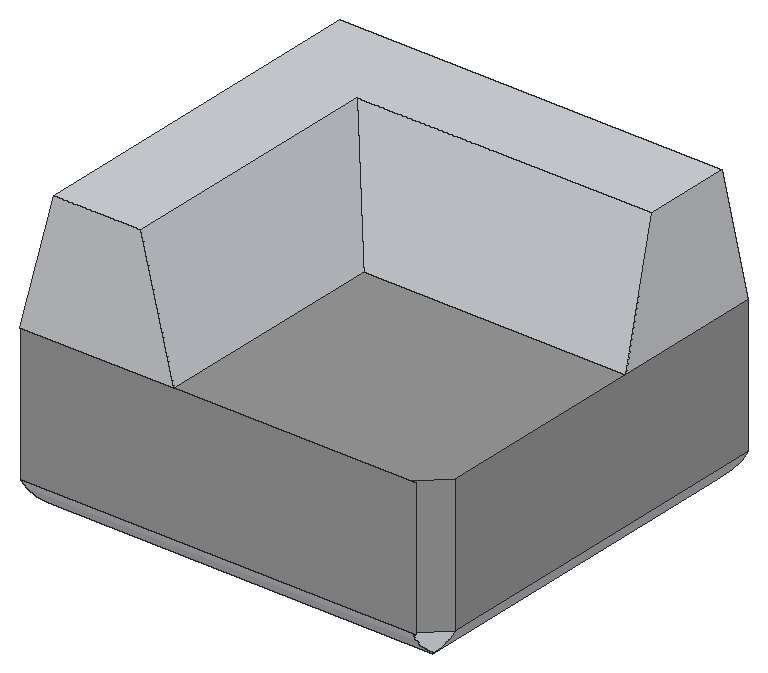
Revit family "_Casino_Square_Corner", category Furniture, Revit 2013
Parameters (values of type "Casino Square Corner")
  Model = "Casino"
  Length = 3' - 1 3/4"
  Description = "Seating"
  Width = 3' - 1 3/4"
  URL = "http://bernhardtdesign.com/"
  Product Page URL = "http://www.bernhardtdesign.com/products/casino/index.html"
  Product Name = "Casino"
  Product Documentation Link = "http://www.bernhardtdesign.com/pdf/pricelists/sofas/Casino_PL.pdf"
  Manufacturer = "Bernhardt "  # constant formula
  Level Certification = ""
  Height = 2' - 4 1/4"
  GreenGuard Certification = ""
  Bernhardt Fabric = Fabric-Bernhardt-White
Reference planes (in)
  plane 1 "Center (Front/Back)": y = 0
  plane 2 "Bottom": z = 0
  plane 3 "Center (Left/Right)": x = 0
  plane 4 "bottom": z = 3.91279
  plane 5 "base of back cushion": z = 16.29409
  plane 6: x = -21.31367
  plane 7: x = 16.43633
  plane 8 "top": z = 28.14339
  plane 9: y = 18.17146
  plane 10: y = -17.31987
Forms (in)
  Extrusion 1, solid, material "Fabric-Bernhardt-White"
    sketch origin (0, 0, 0) x (1, 0, 0) y (0, 1, 0)
      loop
        line (-21.31367, 18.17146) -> (-21.31367, -17.31987) -> (16.43633, -17.31987) -> (16.43633, 18.17146) -> (-21.31367, 18.17146)
    from 3.91279 to 16.29409
  Extrusion 2, solid, material "Plastic, Opaque Black"
    sketch origin (-2.60968, 2.23669, 0) x (-1, 0, 0) y (0, -1, 0)
      loop
        circle (-13.65846, 11.94587) r 1.75
    from 0 to 1.16279
  Extrusion 3, solid, material "Plastic, Opaque Black"
    sketch origin (-2.60968, 22.47734, 0) x (-1, 0, 0) y (0, -1, 0)
      loop
        circle (-13.65846, 11.94587) r 1.75
    from 0 to 1.16279
  Extrusion 4, solid, material "Plastic, Opaque Black"
    sketch origin (2.60968, 2.23669, 0) x (1, 0, 0) y (0, 1, 0)
      loop
        circle (-13.65846, -11.94587) r 1.75
    from 0 to 1.16279
  Extrusion 5, solid, material "Plastic, Opaque Black"
    sketch origin (2.60968, 22.47734, 0) x (1, 0, 0) y (0, 1, 0)
      loop
        circle (-13.65846, -11.94587) r 1.75
    from 0 to 1.16279
  Sweep 6, solid
    path in 3D
      loop
        line (-14.34492, -17.31987, 28.14339) -> (-14.34492, 11.19306, 28.14339) -> (16.43633, 11.19306, 28.14339)
    profile origin (1.0457, 11.19306, 28.14339) x (0, 1, 0) y (0, 0, 1)
      loop
        line (3.9784, 0) -> (-3.9784, 0) -> (-6.97886, -11.8493) -> (6.9784, -11.8493) -> (3.9784, 0)
  Sweep 7, solid
    path in 3D
      loop
        line (16.43633, -17.31987, 3.91279) -> (-21.31367, -17.31987, 3.91279) -> (-21.31367, 18.17146, 3.91279) -> (16.43633, 18.17146, 3.91279) -> (16.43633, -17.31987, 3.91279)
    profile origin (16.43633, 0.42579, 3.91279) x (-1, 0, 0) y (0, 0, -1)
      loop
        line (0, 0) -> (3, 0) -> (4.11639, 2.75) -> (2.86639, 2.75)
        arc (2.86639, 2.75) -> (1.11306, 1.70869) -> (0, 0) r 4.49639
  Extrusion 8, void
    sketch origin (0, 0, 0) x (1, 0, 0) y (0, 1, 0)
      loop
        line (17.40693, -18.04312) -> (17.40693, -14.04312) -> (14.22495, -17.2251) -> (17.40693, -18.04312)
    from 0 to 22.87352
Cuts and joins
  Extrusion 8 cuts Extrusion 1
  Extrusion 8 cuts Sweep 7
Lines and regions (in)
  reference lines
    curve 1: line (9.67925, 18.17146, 16.29409) -> (-16.31367, 18.17146, 16.29409)
    curve 7: arc (16.43633, 0, 3.91279) -> (15.32327, 0, 2.2041) -> (13.56993, 0, 1.16279) r 4.49639
    curve 8: line (16.43633, 0, 3.91279) -> (13.43633, 0, 3.91279)
    curve 9: line (12.31993, 0, 1.16279) -> (13.56993, 0, 1.16279)
    curve 10: line (13.43633, 0, 3.91279) -> (12.31993, 0, 1.16279)
  sketch lines
    curve 2: line (-14.34492, 11.19306, 28.14339) -> (16.43633, 11.19306, 28.14339)
    curve 3: line (-14.34492, 11.19306, 28.14339) -> (-14.34492, -17.31987, 28.14339)
    curve 11: line (16.43633, 18.17146, 3.91279) -> (16.43633, -17.31987, 3.91279)
    curve 12: line (16.43633, -17.31987, 3.91279) -> (-21.31367, -17.31987, 3.91279)
    curve 13: line (-21.31367, -17.31987, 3.91279) -> (-21.31367, 18.17146, 3.91279)
    curve 14: line (-21.31367, 18.17146, 3.91279) -> (16.43633, 18.17146, 3.91279)
  symbolic lines
    curve 4: line (-21.31367, 18.17146, 28.14339) -> (16.43633, 18.17146, 28.14339)
    curve 5: line (-21.31367, -16.44518, 28.14339) -> (-21.31367, 18.17146, 28.14339)
    curve 6: line (16.43633, 18.17146, 28.14339) -> (16.43633, -16.44518, 28.14339)
Dimensions and locks (in)
  Extrusion 2 sketch curve to plane 10 = 0' - 9.36069"
  plane 6 to plane 7 = 3' - 1 3/4"
  radius of Extrusion 2 sketch curve = 0' - 1 3/4"
  radius of Extrusion 3 sketch curve = 0' - 1 3/4"
  radius of Extrusion 4 sketch curve = 0' - 1 3/4"
  radius of Extrusion 5 sketch curve = 0' - 1 3/4"
  aligned and locked: plane 2 "Bottom" to level
  aligned and locked: Extrusion 1 sketch curve to plane 6
  aligned and locked: plane 7 to Extrusion 1 sketch curve
  aligned and locked: Extrusion 1 to plane 4 "bottom"
  aligned and locked: plane 6 to Extrusion 1
